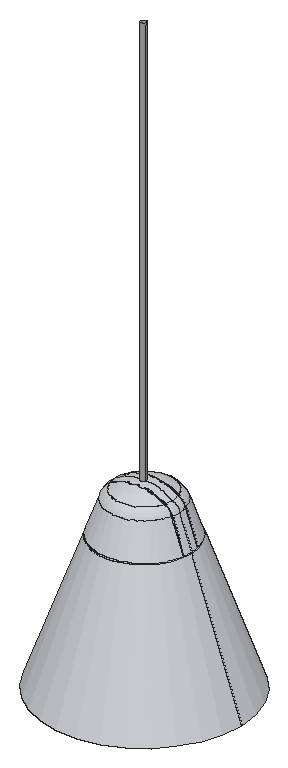
Revit family "P30 DT Pendant Loudspeaker", category Communication Devices, Revit 2017
Family settings
  Maintain Annotation Orientation = No
  Round Connector Dimension = Use Diameter
  Part Type = Normal
  Work Plane-Based = No
  Always vertical = Yes
  Cut with Voids When Loaded = No
  Shared = No
  Room Calculation Point = No
Parameters (values of type "P30DT")
  Unit Weight = "2.6 kg (5.7 lbs)"
  URL = "Default"
  Type Comments = "Not Used"
  Transformer - 70V = "30W, 15W, 7.5W, 3.75W, 1.75W"
  Transformer - 100V = "30W, 15W, 7.5W, 3.75W"
  Support Cable Length [instance] = 1' - 7.35099"
  Recommended Amplifiers = "50W - 100W @ 16 ohms, (28V - 40V)"
  Recommended Accessories = "75 Hz, 12db/Oct High Pass"
  Protection = "Self-resetting loudspeaker protection"
  Transducers = "LF1 x 42.5\" (108mm) coated paper cone / HF1 x 1\" (25mm) soft dome"
  Support Cable Diameter [instance] = 0' - 0 1/8"
  Operating Range (-10dB) = "75 Hz to 20 kHz"
  Operating Mode = "Passive"
  Operating Environment = "Indoor"
  Nominal Sensitivity @ 1m = "Passive / @1W - 87 dB / @2.83V - 84 dB"
  Nominal Maximum SPL @ 1m = "Passive / Peak - 110 db / Continuous - 104 dB"
  Nominal Beamwidth (H x V) = "120°, conical"
  Mounting Provisions = "Two 5m (16.4 ft) wire suspension cables (one as primary support, one as a safety cable), of high tensile galavized steel wire rope with integrated spring clips for attaching the cable to the bracket and Gripple cable fasteners."
  Mounting Height [instance] = 10' - 0"
  Model = "P30DT"
  Manufacturer = "Biamp"
  Input Connection = "4-way Euroblock connector with permanent pass-through"
  Grille = "Powder-coated perforated steel\r\nWhite (RAL 9011) or Black (RAL 9010) finish"
  Finish = "ABS plastic, matte finish, White or Black"
  Dimensions H x W (diameter) = "223 mm x 233mm (8.78\" x 9.17\")"
  Description = "Default"
  Controls = "Power tap / low impedance selector switch"
  Continuous Power Handling @ Nominal Impedance = "Passive / 28V / 50W @16 ohms (200W peak)"
  Compliance = "ETL listed to comply with UL std 1480A, \r\nCertified to CSA C22.2#62368-1\r\n\r\nSuspension system and Gripple cable fasteners listed per\r\nUL1598 and UL2239, TUV and CSA Class 3426-01 and Class\r\n3426-81."
  Accessories (included) = "Two wire suspension cables; Two Gripple cable fastners: End cap and cable cover"
Reference planes (in)
  plane 1 "Center (Front/Back)": y = 0
  plane 2: z = 0
  plane 3 "Center (Left/Right)": x = 0
  plane 4 "Face of Speaker": z = 120
  plane 5 "Molding Break Line": z = 120
  plane 6 "Top of Speaker": z = 128.78
  plane 7: z = 148.13099
Forms (in)
  Extrusion 1, solid, material "Aircraft Cable"
    sketch origin (0, 0, 0) x (1, 0, 0) y (0, 1, 0)
      loop
        circle (0, 0) r 0.125
    from 128.78 to 148.13099
  Revolve 2, solid
    sketch origin (-36.95844, 0, 0) x (1, 0, 0) y (0, 0, 1)
      loop
        line (37, 120) -> (37, 128.78)
        arc (37, 128.78) -> (36.2942, 128.67997) -> (35.644, 128.38775) r 2.53998
        arc (35.644, 128.38775) -> (35.45033, 128.2152) -> (35.32287, 127.9893) r 0.79129
        line (35.32287, 127.9893) -> (32.415, 120) -> (37, 120)
      axis (37, 128.78) -> (37, 120)
    angle from 0 to 360
  Revolve 3, void
    sketch origin (0, 0, 0) x (1, 0, 0) y (0, 0, 1)
      loop
        line (0.04156, 126.4375) -> (0.04156, 126.5) -> (-2.17764, 126.5) -> (-2.20038, 126.4375) -> (0.04156, 126.4375)
      axis (0.04156, 126.4375) -> (0.04156, 126.5)
    angle from 0 to 360
  Extrusion 4, void
    sketch origin (0, 0, 0) x (1, 0, 0) y (0, 0, -1)
      loop
        line (-2.17764, -126.5) -> (-1.63558, -127.9893)
        arc (-1.63558, -127.9893) -> (-1.50811, -128.2152) -> (-1.31445, -128.38775) r 0.79129
        arc (-1.31445, -128.38775) -> (-0.66424, -128.67997) -> (0.04156, -128.78) r 2.53998
        line (0.04156, -128.78) -> (0.04156, -128.71719)
        arc (0.04156, -128.71719) -> (-0.64356, -128.61187) -> (-1.27469, -128.32525) r 2.53998
        arc (-1.27469, -128.32525) -> (-1.46836, -128.1527) -> (-1.59582, -127.9268) r 0.79129
        line (-1.59582, -127.9268) -> (-2.11514, -126.5) -> (-2.17764, -126.5)
    from 0.375 to 0.4375
  Extrusion 5, void
    sketch origin (0, 0, 0) x (1, 0, 0) y (0, 0, 1)
      loop
        line (-2.17764, 126.5) -> (-2.11514, 126.5) -> (-1.59582, 127.9268)
        arc (-1.59582, 127.9268) -> (-1.46836, 128.1527) -> (-1.27469, 128.32525) r 0.79129
        arc (-1.27469, 128.32525) -> (-0.64356, 128.61187) -> (0.04156, 128.71719) r 2.53998
        line (0.04156, 128.71719) -> (0.04156, 128.78)
        arc (0.04156, 128.78) -> (-0.66424, 128.67997) -> (-1.31445, 128.38775) r 2.53998
        arc (-1.31445, 128.38775) -> (-1.50811, 128.2152) -> (-1.63558, 127.9893) r 0.79129
        line (-1.63558, 127.9893) -> (-2.17764, 126.5)
    from 0.375 to 0.4375
  Extrusion 6, void
    sketch origin (0.08312, 0, 0) x (-1, 0, 0) y (0, 0, -1)
      loop
        line (-2.17764, -126.5) -> (-1.63558, -127.9893)
        arc (-1.63558, -127.9893) -> (-1.50811, -128.2152) -> (-1.31445, -128.38775) r 0.79129
        arc (-1.31445, -128.38775) -> (-0.66424, -128.67997) -> (0.04156, -128.78) r 2.53998
        line (0.04156, -128.78) -> (0.04156, -128.71719)
        arc (0.04156, -128.71719) -> (-0.64356, -128.61187) -> (-1.27469, -128.32525) r 2.53998
        arc (-1.27469, -128.32525) -> (-1.46836, -128.1527) -> (-1.59582, -127.9268) r 0.79129
        line (-1.59582, -127.9268) -> (-2.11514, -126.5) -> (-2.17764, -126.5)
    from 0.375 to 0.4375
  Extrusion 7, void
    sketch origin (0.08312, 0, 0) x (-1, 0, 0) y (0, 0, 1)
      loop
        line (-2.17764, 126.5) -> (-2.11514, 126.5) -> (-1.59582, 127.9268)
        arc (-1.59582, 127.9268) -> (-1.46836, 128.1527) -> (-1.27469, 128.32525) r 0.79129
        arc (-1.27469, 128.32525) -> (-0.64356, 128.61187) -> (0.04156, 128.71719) r 2.53998
        line (0.04156, 128.71719) -> (0.04156, 128.78)
        arc (0.04156, 128.78) -> (-0.66424, 128.67997) -> (-1.31445, 128.38775) r 2.53998
        arc (-1.31445, 128.38775) -> (-1.50811, 128.2152) -> (-1.63558, 127.9893) r 0.79129
        line (-1.63558, 127.9893) -> (-2.17764, 126.5)
    from 0.375 to 0.4375
Cuts and joins
  Revolve 3, Extrusion 4, Extrusion 5, Extrusion 6, Extrusion 7 cuts Revolve 2
Dimensions and locks (in)
  "Mounting Height": plane 4 "Face of Speaker" to plane 2
  "Support Cable Length": plane 7 to plane 6 "Top of Speaker"
  plane 6 "Top of Speaker" to plane 4 "Face of Speaker" = 0' - 8.78"
  plane 5 "Molding Break Line" to plane 4 "Face of Speaker" = 0' - 0"
  level to plane 4 "Face of Speaker" = 10' - 0"
  plane 5 "Molding Break Line" to plane 6 "Top of Speaker" = 0' - 8.78"
  "Support Cable Diameter": radius of Extrusion 1 sketch curve
  aligned and locked: plane 2 to level
  aligned and locked: plane 7 to Extrusion 1
  aligned and locked: Extrusion 1 to plane 6 "Top of Speaker"
Automatic sketch dimensions
  Revolve 2 sketch curve to plane 4 "Face of Speaker" = 0' - 0"  (x2)
  Revolve 2 sketch curve to plane 6 "Top of Speaker" = 0' - 0"  (x2)
  Revolve 2 sketch curve to plane 3 "Center (Left/Right)" = 0' - 4.54344"
  Revolve 2 sketch curve to plane 3 "Center (Left/Right)" = 0' - 1.63558"
  Revolve 2 sketch curve to Revolve 2 sketch curve = 0' - 0.74357"
  plane 3 "Center (Left/Right)" to Revolve 2 sketch curve = 0' - 0.04156"
  Revolve 2 sketch curve to Revolve 2 sketch curve = 0' - 2.53998"
  Revolve 2 sketch curve to plane 6 "Top of Speaker" = 0' - 1.06134"
  Revolve 2 sketch curve to Revolve 2 sketch curve = 0' - 0 51/128"
  Revolve 2 sketch curve to Revolve 2 sketch curve = 0' - 0"
  Revolve 3 sketch curve to plane 4 "Face of Speaker" = 0' - 0"
  Revolve 3 sketch curve to plane 6 "Top of Speaker" = 0' - 0"
  Revolve 3 sketch curve to plane 3 "Center (Left/Right)" = 0' - 2.20038"
  Revolve 3 sketch curve to Revolve 3 sketch curve = 0' - 0.02275"
  plane 3 "Center (Left/Right)" to Revolve 3 sketch curve = 0' - 0.04156"  (x2)
  Revolve 3 sketch curve to plane 6 "Top of Speaker" = 0' - 2.3425"
  Revolve 3 sketch curve to Revolve 3 sketch curve = 0' - 0 1/16"
  Extrusion 4 sketch curve to plane 6 "Top of Speaker" = 0' - 0"
  Extrusion 4 sketch curve to plane 3 "Center (Left/Right)" = 0' - 2.17764"
  Extrusion 4 sketch curve to Extrusion 4 sketch curve = 0' - 0 1/16"  (x4)
  Extrusion 4 sketch curve to Extrusion 4 sketch curve = 0' - 0.47956"
  Extrusion 4 sketch curve to Extrusion 4 sketch curve = 0' - 0.03975"  (x3)
  Extrusion 4 sketch curve to Extrusion 4 sketch curve = 0' - 0.70382"
  plane 3 "Center (Left/Right)" to Extrusion 4 sketch curve = 0' - 0.04156"
  Extrusion 4 sketch curve to Extrusion 4 sketch curve = 0' - 0.06281"
  Extrusion 4 sketch curve to plane 6 "Top of Speaker" = 0' - 0.7907"
  Extrusion 4 sketch curve to Extrusion 4 sketch curve = 0' - 0.20814"
  Extrusion 4 sketch curve to Extrusion 4 sketch curve = 0' - 1.4268"
  Extrusion 4 sketch curve to Extrusion 4 sketch curve = 0' - 1.41614"
  Extrusion 5 sketch curve to plane 6 "Top of Speaker" = 0' - 0"
  Extrusion 5 sketch curve to plane 3 "Center (Left/Right)" = 0' - 2.17764"
  Extrusion 5 sketch curve to Extrusion 5 sketch curve = 0' - 0 1/16"  (x4)
  Extrusion 5 sketch curve to Extrusion 5 sketch curve = 0' - 0.47956"
  Extrusion 5 sketch curve to Extrusion 5 sketch curve = 0' - 0.03975"  (x3)
  Extrusion 5 sketch curve to Extrusion 5 sketch curve = 0' - 0.70382"
  plane 3 "Center (Left/Right)" to Extrusion 5 sketch curve = 0' - 0.04156"
  Extrusion 5 sketch curve to Extrusion 5 sketch curve = 0' - 0.06281"
  Extrusion 5 sketch curve to plane 6 "Top of Speaker" = 0' - 0.7907"
  Extrusion 5 sketch curve to Extrusion 5 sketch curve = 0' - 0.20814"
  Extrusion 5 sketch curve to Extrusion 5 sketch curve = 0' - 1.4268"
  Extrusion 5 sketch curve to Extrusion 5 sketch curve = 0' - 1.41614"
  Extrusion 6 sketch curve to plane 6 "Top of Speaker" = 0' - 0"
  plane 3 "Center (Left/Right)" to Extrusion 6 sketch curve = 0' - 2.26075"
  Extrusion 6 sketch curve to Extrusion 6 sketch curve = 0' - 0 1/16"  (x4)
  Extrusion 6 sketch curve to Extrusion 6 sketch curve = 0' - 0.47956"
  Extrusion 6 sketch curve to Extrusion 6 sketch curve = 0' - 0.03975"  (x2)
  Extrusion 6 sketch curve to Extrusion 6 sketch curve = 0' - 0.70382"
  plane 3 "Center (Left/Right)" to Extrusion 6 sketch curve = 0' - 0.04156"
  plane 3 "Center (Left/Right)" to Extrusion 6 sketch curve = 0' - 0.00181"
  Extrusion 6 sketch curve to Extrusion 6 sketch curve = 0' - 0.06281"
  Extrusion 6 sketch curve to plane 6 "Top of Speaker" = 0' - 0.7907"
  Extrusion 6 sketch curve to Extrusion 6 sketch curve = 0' - 0.20814"
  Extrusion 6 sketch curve to Extrusion 6 sketch curve = 0' - 1.4268"
  Extrusion 6 sketch curve to Extrusion 6 sketch curve = 0' - 1.41614"
  Extrusion 7 sketch curve to plane 6 "Top of Speaker" = 0' - 0"
  plane 3 "Center (Left/Right)" to Extrusion 7 sketch curve = 0' - 2.26075"
  Extrusion 7 sketch curve to Extrusion 7 sketch curve = 0' - 0 1/16"  (x4)
  Extrusion 7 sketch curve to Extrusion 7 sketch curve = 0' - 0.47956"
  Extrusion 7 sketch curve to Extrusion 7 sketch curve = 0' - 0.03975"  (x2)
  Extrusion 7 sketch curve to Extrusion 7 sketch curve = 0' - 0.70382"
  plane 3 "Center (Left/Right)" to Extrusion 7 sketch curve = 0' - 0.04156"
  plane 3 "Center (Left/Right)" to Extrusion 7 sketch curve = 0' - 0.00181"
  Extrusion 7 sketch curve to Extrusion 7 sketch curve = 0' - 0.06281"
  Extrusion 7 sketch curve to plane 6 "Top of Speaker" = 0' - 0.7907"
  Extrusion 7 sketch curve to Extrusion 7 sketch curve = 0' - 0.20814"
  Extrusion 7 sketch curve to Extrusion 7 sketch curve = 0' - 1.4268"
  Extrusion 7 sketch curve to Extrusion 7 sketch curve = 0' - 1.41614"
  plane 1 "Center (Front/Back)" to Extrusion 1 sketch curve = 0' - 0"
  Extrusion 1 sketch curve to plane 3 "Center (Left/Right)" = 0' - 0"
